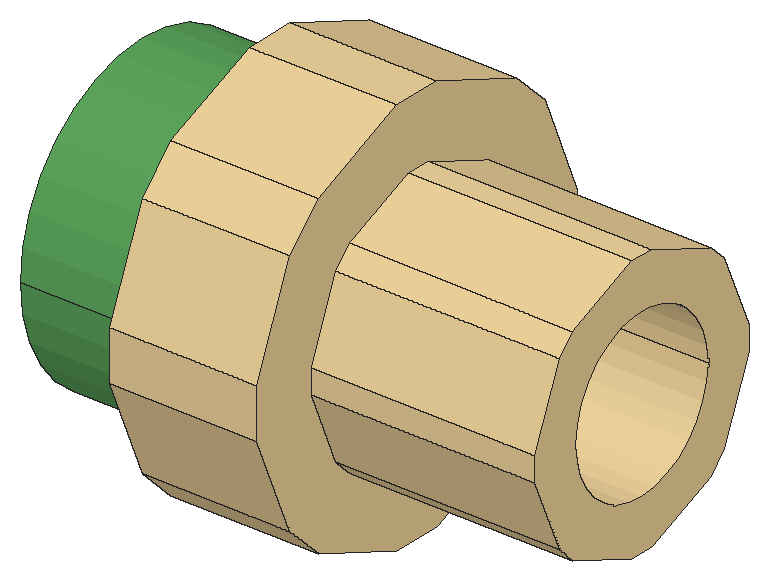
Revit family "Aquatherm_Переходное резьбовое соединение с внутренней резьбой", category Соединительные детали трубопроводов, Revit 2019
Family settings
  Размер круглого соединителя = Использовать диаметр
  Тип детали = Переход
  На основе рабочей плоскости = Нет
  Всегда вертикально = Да
  При загрузке вырезать с полостями = Нет
  Общий = Нет
Parameters (values of type "SDR 9")
  Материал_Корпус_2 = AquaTherm латунь pipe
  Материал_Корпус = AquaTherm green pipe
  z2 [instance] = size_lookup("Переходное резьбовое соединение с внутренней резьбой", "z2", 18 mm, d, R)  # 15 mm
  z [instance] = size_lookup("Переходное резьбовое соединение с внутренней резьбой", "z", 18 mm, d, R)  # 30.5 mm
  r [instance] = R - 3 mm  # 12 mm
  n [instance] = z2  # 15 mm
  m [instance] = z  # 30.5 mm
  d1 [instance] = R - 8 mm  # 7 mm
  URL = "www.agpipe.ru"
  d [instance] = 20 mm
  SW2' [instance] = SW2 - 1 mm  # 23 mm
  SW2 [instance] = size_lookup("Переходное резьбовое соединение с внутренней резьбой", "SW2", 18 mm, d, R)  # 24 mm
  SW1' [instance] = SW1 - 1 mm  # 35 mm
  SW1 [instance] = size_lookup("Переходное резьбовое соединение с внутренней резьбой", "SW1", 18 mm, d, R)  # 36 mm
  SDR = 9 mm
  R [instance] = 15 mm
  L [instance] = size_lookup("Переходное резьбовое соединение с внутренней резьбой", "L", 18 mm, d, R)  # 45 mm
  D [instance] = size_lookup("Переходное резьбовое соединение с внутренней резьбой", "D", 18 mm, d, R)  # 27.5 mm
  ADSK_Примечание = ""
  ADSK_Позиция [instance] = ""
  ADSK_Обозначение = ""
  ADSK_Наименование [instance] = size_lookup("Переходное резьбовое соединение с внутренней резьбой", "ADSK_Наименование", "Нет в каталоге", d, R)  # "Переходное резьбовое соединение с внутренней резьбой DN20x1/2''"
  ADSK_Масса_Текст [instance] = size_lookup("Переходное резьбовое соединение с внутренней резьбой", "ADSK_Масса_Текст", "Нет в каталоге", d, R)  # "0.112"
  ADSK_Код изделия [instance] = size_lookup("Переходное резьбовое соединение с внутренней резьбой", "ADSK_Код изделия", "Нет в каталоге", d, R)  # "26638"
  ADSK_Завод-изготовитель = "Aquatherm"  # constant formula
  ADSK_Единица измерения = "шт."  # constant formula
  1 [instance] = 1 = 1  # yes
Types (5, lengths in mm): name | z2 | z | r | n | m | d1 | d | SW2' | SW2 | SW1' | SW1 | SDR | R | L | D | ADSK_Наименование | ADSK_Масса_Текст | ADSK_Код изделия
  (no name) | 15 | 30.5 | 12 | 15 | 30.5 | 7 | 20 | 23 | 24 | 35 | 36 | 9 | 15 | 45 | 27.5 | "Переходное резьбовое соединение с внутренней резьбой DN20x1/2''" | "0.112" | "26638"
  SDR 6 | 20 | 36 | 29 | 20 | 36 | 24 | 40 | 46 | 47 | 63 | 64 | 6 | 32 | 56.5 | 53 | "Переходное резьбовое соединение с внутренней резьбой DN40x1 1/4''" | "0.423" | "26644"
  SDR 7.4 | 20 | 36 | 29 | 20 | 36 | 24 | 40 | 46 | 47 | 63 | 64 | 7.4 | 32 | 56.5 | 53 | "Переходное резьбовое соединение с внутренней резьбой DN40x1 1/4''" | "0.423" | "26644"
  SDR 9 | 15 | 30.5 | 12 | 15 | 30.5 | 7 | 20 | 23 | 24 | 35 | 36 | 9 | 15 | 45 | 27.5 | "Переходное резьбовое соединение с внутренней резьбой DN20x1/2''" | "0.112" | "26638"
  SDR 11 | 20 | 36 | 29 | 20 | 36 | 24 | 40 | 46 | 47 | 63 | 64 | 11 | 32 | 56.5 | 53 | "Переходное резьбовое соединение с внутренней резьбой DN40x1 1/4''" | "0.423" | "26644"
Reference planes
  plane 1 "По центру (Вперед/Назад)": y = 0
  plane 2: z = 0
  plane 3 "По центру (Влево/Вправо)": x = 0
  plane 4: x = -22.5
  plane 5: x = 22.5
  plane 6: x = -8
  plane 7: x = 2.25
  plane 8: x = 4.5
  plane 9: x = 7.5
  plane 10: x = -11
Forms (mm)
  Extrusion 1, solid, material "AquaTherm green pipe" <- "Материал_Корпус", visible <- "1"
    sketch origin (0, 0, 0) x (0, 1, 0) y (0, 0, 1)
      loop
        circle (0, 0) r 13.75
    from -22.5 to -11
  Extrusion 2, void
    sketch origin (0, 0, 0) x (0, 1, 0) y (0, 0, 1)
      loop
        circle (0, 0) r 10
    from -22.5 to -10.75
  Extrusion 3, solid, material "AquaTherm латунь pipe" <- "Материал_Корпус_2", visible <- "1"
    sketch origin (0, 0, 0) x (0, 1, 0) y (0, 0, 1)
      loop
        circle (0, 0) r 7.5
      loop
        line (-7.456, 18) -> (-18, 7.456) -> (-18, -7.456) -> (-7.456, -18) -> (7.456, -18) -> (18, -7.456) -> (18, 7.456) -> (7.456, 18) -> (-7.456, 18)
    from -11 to 2.25
  Extrusion 4, void
    sketch origin (0, 0, 0) x (0, 1, 0) y (0, 0, 1)
      loop
        line (0, 18.942) -> (-13.394, 13.394) -> (-18.942, 0) -> (-13.394, -13.394) -> (0, -18.942) -> (13.394, -13.394) -> (18.942, 0) -> (13.394, 13.394) -> (0, 18.942)
      loop
        circle (0, 0) r 27.5
    from -11 to 2.25
  Extrusion 5, solid, material "AquaTherm латунь pipe" <- "Материал_Корпус_2", visible <- "1"
    sketch origin (0, 0, 0) x (0, 1, 0) y (0, 0, 1)
      loop
        line (-4.971, 12) -> (-12, 4.971) -> (-12, -4.971) -> (-4.971, -12) -> (4.971, -12) -> (12, -4.971) -> (12, 4.971) -> (4.971, 12) -> (-4.971, 12)
      loop
        circle (0, 0) r 7.5
    from 2.25 to 22.5
  Extrusion 6, void
    sketch origin (0, 0, 0) x (0, 1, 0) y (0, 0, 1)
      loop
        line (0, 12.448) -> (-8.802, 8.802) -> (-12.448, 0) -> (-8.802, -8.802) -> (0, -12.448) -> (8.802, -8.802) -> (12.448, 0) -> (8.802, 8.802) -> (0, 12.448)
      loop
        circle (0, 0) r 27.5
    from 22.5 to 2.25
Cuts and joins
  Extrusion 2 cuts Extrusion 1
  Extrusion 4 cuts Extrusion 3
  Extrusion 6 cuts Extrusion 5
Lines and regions (mm)
  reference lines
    curve 1: line (-8, 0, 0) -> (7.5, 0, 0)
Dimensions and locks
  equal spacing: plane 4, plane 3 "По центру (Влево/Вправо)", plane 5
  "L": plane 4 to plane 5
  "m": plane 6 to plane 5
  equal spacing: Extrusion 3 sketch curve, level, Extrusion 3 sketch curve
  "SW1": Extrusion 3 sketch curve to Extrusion 3 sketch curve  (x4)
  equal spacing: Extrusion 3 sketch curve, curve 1, Extrusion 3 sketch curve  (x3)
  equal spacing: Extrusion 4 sketch curve, curve 1, Extrusion 4 sketch curve  (x4)
  "SW1'": Extrusion 4 sketch curve to Extrusion 4 sketch curve  (x4)
  locked: plane 8 to plane 9 at 3
  "n": plane 9 to plane 5
  equal spacing: plane 3 "По центру (Влево/Вправо)", plane 7, plane 8
  locked: plane 10 to plane 6 at 3
  equal spacing: Extrusion 5 sketch curve, level, Extrusion 5 sketch curve
  "SW2": Extrusion 5 sketch curve to Extrusion 5 sketch curve  (x4)
  equal spacing: Extrusion 5 sketch curve, curve 1, Extrusion 5 sketch curve  (x2)
  equal spacing: Extrusion 5 sketch curve, plane 1 "По центру (Вперед/Назад)", Extrusion 5 sketch curve
  equal spacing: Extrusion 6 sketch curve, curve 1, Extrusion 6 sketch curve  (x4)
  "SW2'": Extrusion 6 sketch curve to Extrusion 6 sketch curve  (x4)
  "D": diameter of Extrusion 1 sketch curve
  "d": diameter of Extrusion 2 sketch curve
  "R": diameter of Extrusion 3 sketch curve
  "D": radius of Extrusion 4 sketch curve
  "R": diameter of Extrusion 5 sketch curve
  "D": radius of Extrusion 6 sketch curve
  locked: Extrusion 3 sketch curve to Extrusion 3 sketch curve (angle 135.00°)  (x4)
  locked: Extrusion 4 sketch curve to Extrusion 4 sketch curve (angle 135.00°)  (x4)
  locked: Extrusion 5 sketch curve to Extrusion 5 sketch curve (angle 135.00°)  (x4)
  locked: Extrusion 6 sketch curve to Extrusion 6 sketch curve (angle 135.00°)  (x4)
  aligned and locked: level to plane 2
  aligned and locked: Extrusion 1 to plane 4
  aligned and locked: Extrusion 2 to plane 4
  aligned and locked: plane 6 to curve 1
  aligned and locked: plane 9 to curve 1
  aligned and locked: Extrusion 3 to plane 10
  aligned and locked: plane 7 to cut or joined group of Extrusion 3, Extrusion 4
  aligned and locked: Extrusion 4 to plane 7
  aligned and locked: Extrusion 4 to plane 10
  aligned and locked: Extrusion 6 to plane 5
  aligned and locked: plane 5 to cut or joined group of Extrusion 5, Extrusion 6
  aligned and locked: Extrusion 1 to cut or joined group of Extrusion 3, Extrusion 4
  aligned and locked: cut or joined group of Extrusion 5, Extrusion 6 to plane 7  (x2)
Automatic sketch dimensions
  plane 1 "По центру (Вперед/Назад)" to curve 1 = 0 mm
  Extrusion 1 sketch curve to level = 0 mm
  Extrusion 1 sketch curve to plane 1 "По центру (Вперед/Назад)" = 0 mm
  Extrusion 2 sketch curve to level = 0 mm
  Extrusion 2 sketch curve to plane 1 "По центру (Вперед/Назад)" = 0 mm
  Extrusion 3 sketch curve to level = 0 mm
  Extrusion 3 sketch curve to plane 1 "По центру (Вперед/Назад)" = 0 mm
  Extrusion 4 sketch curve to plane 1 "По центру (Вперед/Назад)" = 0 mm  (x2)
  Extrusion 4 sketch curve to level = 0 mm  (x2)
  Extrusion 5 sketch curve to level = 0 mm
  Extrusion 5 sketch curve to plane 1 "По центру (Вперед/Назад)" = 0 mm
  Extrusion 6 sketch curve to plane 1 "По центру (Вперед/Назад)" = 0 mm  (x2)
  Extrusion 6 sketch curve to level = 0 mm  (x2)
Connectors
  piping at (-8, 0, 0), diameter 20, driven by "d"
    settings: on curve 1, index 1, connector inside diameter 609.6 mm, connector length 0 mm, flow factor 0, pipe flow 0.0 L/s, pressure drop 0.0 Pa, fitting loss kfactor 0, connector angle 0.00°, fixture units 0, engagement length 0 mm, angle of deflection 0.00°, flow configuration 0, flow direction 0, fitting loss method 0, system type 28, joint type 0, gender type 0, connector reference index 2, connector utility 0, adjustable connector no, is connector primary yes, connector description ""
  piping at (7.5, 0, 0), diameter 15, driven by "R"
    settings: on curve 1, index 2, connector inside diameter 609.6 mm, connector length 0 mm, flow factor 0, pipe flow 0.0 L/s, pressure drop 0.0 Pa, fitting loss kfactor 0, connector angle 0.00°, fixture units 0, engagement length 0 mm, angle of deflection 0.00°, flow configuration 0, flow direction 0, fitting loss method 0, system type 28, joint type 0, gender type 0, connector reference index 1, connector utility 0, adjustable connector no, is connector primary no, connector description ""
